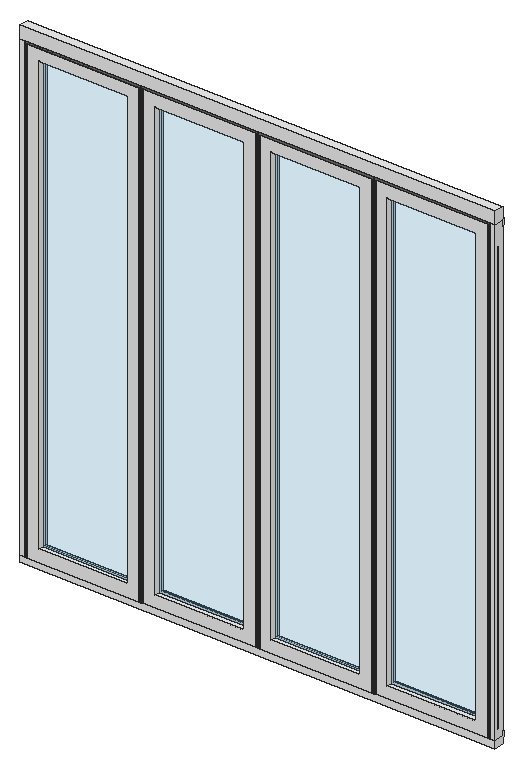
Revit family "98135", category Windows, host Wall, Revit 2018 (continued)
Definition of nested family "Header_SL-60"
  Definition of nested family "Detailitem_Head-SL60"
    Lines and regions (in)
      model lines, in view "Ref. Level", visible <- "Half"
        curve 580: line (-0.99276, -5.11811, 0) -> (-0.87208, -5.18787, 0)
        curve 581: line (-0.83858, -5.19685, 0) -> (-0.35081, -5.19685, 0)
        curve 582: line (-0.77559, -4.01575, 0) -> (-0.77559, -3.75197, 0)
        curve 583: line (-0.77559, -3.75197, 0) -> (-0.7961, -3.6534, 0)
        curve 584: line (-0.83465, -3.62205, 0) -> (-0.87402, -3.62205, 0)
        curve 585: line (-0.8937, -3.64173, 0) -> (-0.8937, -3.66142, 0)
        curve 586: line (-0.8937, -3.66142, 0) -> (-0.83465, -3.66142, 0)
        curve 587: line (-0.83465, -3.66142, 0) -> (-0.83465, -3.7126, 0)
        curve 588: line (-0.83465, -3.7126, 0) -> (-0.87992, -3.7126, 0)
        curve 589: line (-0.87992, -3.7126, 0) -> (-0.87992, -3.73228, 0)
        curve 590: line (-0.86024, -3.75197, 0) -> (-0.83465, -3.75197, 0)
        curve 591: line (-0.83465, -3.75197, 0) -> (-0.83465, -3.8189, 0)
        curve 592: line (-0.83465, -3.8189, 0) -> (-1.11024, -3.8189, 0)
        curve 593: line (-1.11024, -3.8189, 0) -> (-1.11024, -3.75197, 0)
        curve 594: line (-1.08465, -3.73228, 0) -> (-1.08465, -3.7126, 0)
        curve 595: line (-1.08465, -3.7126, 0) -> (-1.12992, -3.7126, 0)
        curve 596: line (-1.12992, -3.7126, 0) -> (-1.12992, -3.66142, 0)
        curve 597: line (-1.12992, -3.66142, 0) -> (-1.07087, -3.66142, 0)
        curve 598: line (-1.07087, -3.66142, 0) -> (-1.07087, -3.64173, 0)
        curve 599: line (-1.09055, -3.62205, 0) -> (-1.16929, -3.62205, 0)
        curve 600: line (-1.16929, -3.62205, 0) -> (-1.16929, -5.9685, 0)
        curve 601: line (-1.16929, -5.9685, 0) -> (-0.99213, -5.9685, 0)
        curve 602: line (-0.99213, -5.9685, 0) -> (-0.99213, -5.88189, 0)
        curve 603: line (-0.55118, -5.12992, 0) -> (-0.55118, -4.20079, 0)
        curve 604: line (-0.55118, -4.20079, 0) -> (-0.65748, -4.20079, 0)
        curve 605: line (-0.65748, -4.20079, 0) -> (-0.55118, -4.20079, 0)
        curve 606: line (-0.55118, -4.20079, 0) -> (-0.55118, -5.12992, 0)
        curve 607: line (-0.55118, -5.12992, 0) -> (-0.83858, -5.12992, 0)
        curve 608: line (-0.83858, -5.12992, 0) -> (-0.9748, -5.05118, 0)
        curve 609: line (-0.9748, -5.05118, 0) -> (-1.09843, -5.05118, 0)
        curve 610: line (-1.09843, -5.05118, 0) -> (-1.09843, -3.88583, 0)
        curve 611: line (-1.09843, -3.88583, 0) -> (-0.84252, -3.88583, 0)
        curve 612: line (-0.84252, -3.88583, 0) -> (-0.84252, -3.96457, 0)
        curve 613: line (-0.84252, -3.96457, 0) -> (-0.8622, -3.96457, 0)
        curve 614: line (-0.8622, -3.96457, 0) -> (-0.8622, -4.04331, 0)
        curve 615: line (-0.8622, -4.04331, 0) -> (-0.84046, -4.04331, 0)
        curve 739: line (0.66929, -3.29528, 0) -> (0.66929, -3.18898, 0)
        curve 740: line (0.66929, -3.18898, 0) -> (0.45276, -3.18898, 0)
        curve 741: line (0.45276, -3.18898, 0) -> (0.45276, -3.27756, 0)
        curve 787: line (-0.66929, -3.29528, 0) -> (-0.66929, -3.18898, 0)
        curve 788: line (-0.66929, -3.18898, 0) -> (-0.45276, -3.18898, 0)
        curve 789: line (-0.45276, -3.18898, 0) -> (-0.45276, -3.27756, 0)
      model lines, in view "Ref. Level"
        curve 3: arc (-0.70866, -2.24409, 0) -> (-0.59055, -2.3622, 0) -> (-0.47244, -2.24409, 0) r 0.11811
        curve 11: arc (-0.47244, -1.45669, 0) -> (-0.59055, -1.33858, 0) -> (-0.70866, -1.45669, 0) r 0.11811
        curve 12: circle (0, -1.85039, 0) r 0.1378 normal (0, 0, 1)
        curve 13: circle (0, -1.85039, 0) r 0.15748 normal (0, 0, 1)
        curve 14: arc (0.19075, -2.05741, 0) -> (0, -1.5689, 0) -> (-0.19075, -2.05741, 0) r 0.2815
        curve 15: arc (-0.12669, -1.97424, 0) -> (0, -2.02756, 0) -> (0.12669, -1.97424, 0) r 0.17717
        curve 16: arc (-0.19075, -2.05741, 0) -> (-0.1644, -2.06361, 0) -> (-0.14545, -2.04428, 0) r 0.02756
        curve 17: arc (-0.07599, -1.6205, 0) -> (-0.13589, -1.65, 0) -> (-0.18546, -1.69473, 0) r 0.24213
        curve 18: arc (-0.03097, -1.67596, 0) -> (-0.09768, -1.70259, 0) -> (-0.14833, -1.75352, 0) r 0.17717
        curve 19: arc (-0.18546, -1.69473, 0) -> (-0.19149, -1.71724, 0) -> (-0.17813, -1.73632, 0) r 0.02756
        curve 20: arc (-0.04072, -1.63954, 0) -> (-0.05426, -1.62242, 0) -> (-0.07599, -1.6205, 0) r 0.02756
        curve 21: arc (-0.13178, -1.76417, 0) -> (-0.1345, -1.76178, 0) -> (-0.1375, -1.75978, 0) r 0.02756
        curve 22: arc (0.14545, -2.04428, 0) -> (0.1644, -2.06361, 0) -> (0.19075, -2.05741, 0) r 0.02756
        curve 23: arc (0.18546, -1.69473, 0) -> (0.13589, -1.65, 0) -> (0.07599, -1.6205, 0) r 0.24213
        curve 24: arc (0.14833, -1.75352, 0) -> (0.09768, -1.70259, 0) -> (0.03097, -1.67596, 0) r 0.17717
        curve 25: arc (0.07599, -1.6205, 0) -> (0.05426, -1.62242, 0) -> (0.04072, -1.63954, 0) r 0.02756
        curve 26: arc (0.1375, -1.75978, 0) -> (0.1345, -1.76178, 0) -> (0.13178, -1.76417, 0) r 0.02756
        curve 27: arc (0.17813, -1.73632, 0) -> (0.19149, -1.71724, 0) -> (0.18546, -1.69473, 0) r 0.02756
        curve 28: line (0, -1.24803, 0) -> (0.14775, -1.27089, 0)
        curve 29: line (-0.22162, -1.24803, 0) -> (-0.14775, -1.27089, 0)
        curve 30: line (-0.29549, -1.27089, 0) -> (-0.22162, -1.24803, 0)
        curve 31: line (-0.14775, -1.27089, 0) -> (0, -1.24803, 0)
        curve 32: line (0.14775, -1.27089, 0) -> (0.22162, -1.24803, 0)
        curve 33: line (0.22162, -1.24803, 0) -> (0.2544, -1.2528, 0)
        curve 34: line (0.2544, -1.2528, 0) -> (0.29549, -1.27089, 0)
        curve 37: arc (0.47244, -2.24409, 0) -> (0.59055, -2.3622, 0) -> (0.70866, -2.24409, 0) r 0.11811
        curve 39: arc (0.70866, -1.45669, 0) -> (0.59055, -1.33858, 0) -> (0.47244, -1.45669, 0) r 0.11811
        curve 42: line (0.1531, -1.61417, 0) -> (0.3937, -1.61417, 0)
        curve 43: line (0.3937, -1.61417, 0) -> (0.3937, -2.08661, 0)
        curve 44: line (0.3937, -2.08661, 0) -> (-0.3937, -2.08661, 0)
        curve 45: line (-0.3937, -2.08661, 0) -> (-0.3937, -1.61417, 0)
        curve 46: line (0.34449, -1.61417, 0) -> (0.34449, -1.45669, 0)
        curve 47: line (0.34449, -1.45669, 0) -> (-0.34449, -1.45669, 0)
        curve 48: line (-0.34449, -1.45669, 0) -> (-0.34449, -1.61417, 0)
        curve 51: line (-0.47244, -1.45669, 0) -> (-0.47244, -2.24409, 0)
        curve 52: line (-0.70866, -1.45669, 0) -> (-0.70866, -2.24409, 0)
        curve 61: line (-0.1531, -1.61417, 0) -> (-0.3937, -1.61417, 0)
        curve 62: line (-0.70866, -1.67323, 0) -> (-0.72047, -1.67323, 0)
        curve 63: line (-0.72047, -1.67323, 0) -> (-0.72047, -2.02756, 0)
        curve 64: line (-0.72047, -2.02756, 0) -> (-0.70866, -2.02756, 0)
        curve 65: line (-0.3937, -2.02756, 0) -> (-0.47244, -2.02756, 0)
        curve 66: line (-0.3937, -1.67323, 0) -> (-0.47244, -1.67323, 0)
        curve 67: line (0.14775, -1.43307, 0) -> (0.14775, -1.27089, 0)
        curve 68: line (-0.14775, -1.43307, 0) -> (-0.14775, -1.27089, 0)
        curve 69: line (0.25591, -1.24803, 0) -> (0.29549, -1.27089, 0)
        curve 70: line (0.29549, -1.27089, 0) -> (0.29549, -1.43307, 0)
        curve 71: line (0.29549, -1.43307, 0) -> (-0.29549, -1.43307, 0)
        curve 72: line (-0.29549, -1.43307, 0) -> (-0.29549, -1.27089, 0)
        curve 73: line (-0.29549, -1.27089, 0) -> (-0.25591, -1.24803, 0)
        curve 74: line (-0.14545, -2.04428, 0) -> (-0.12063, -1.95163, 0)
        curve 75: line (-0.1375, -1.75978, 0) -> (-0.17813, -1.73632, 0)
        curve 76: line (-0.22835, -1.43307, 0) -> (-0.22835, -1.45669, 0)
        curve 77: line (-0.04072, -1.63954, 0) -> (-0.02585, -1.69505, 0)
        curve 78: line (0.12063, -1.95163, 0) -> (0.14545, -2.04428, 0)
        curve 79: line (0.17813, -1.73632, 0) -> (0.1375, -1.75978, 0)
        curve 80: line (0.02585, -1.69505, 0) -> (0.04072, -1.63954, 0)
        curve 81: line (0.22835, -1.43307, 0) -> (0.22835, -1.45669, 0)
        curve 82: line (-0.25591, -1.24803, 0) -> (0.25591, -1.24803, 0)
        curve 83: line (0.70866, -1.45669, 0) -> (0.70866, -2.24409, 0)
        curve 84: line (0.47244, -1.45669, 0) -> (0.47244, -2.24409, 0)
        curve 85: line (0.3937, -2.02756, 0) -> (0.47244, -2.02756, 0)
        curve 86: line (0.3937, -1.67323, 0) -> (0.47244, -1.67323, 0)
        curve 87: line (0.70866, -1.67323, 0) -> (0.72047, -1.67323, 0)
        curve 88: line (0.72047, -1.67323, 0) -> (0.72047, -2.02756, 0)
        curve 89: line (0.72047, -2.02756, 0) -> (0.70866, -2.02756, 0)
        curve 316: arc (-0.26106, -0.83268, 0) -> (-0.26827, -0.82547, 0) -> (-0.27811, -0.82283, 0) r 0.01969
        curve 317: arc (0.27811, -0.82283, 0) -> (0.26827, -0.82547, 0) -> (0.26106, -0.83268, 0) r 0.01969
        curve 318: arc (-0.16275, -0.85335, 0) -> (-0.14834, -0.86776, 0) -> (-0.12866, -0.87303, 0) r 0.03937
        curve 319: arc (0.12866, -0.87303, 0) -> (0.14834, -0.86776, 0) -> (0.16275, -0.85335, 0) r 0.03937
        curve 320: arc (0.38583, -0.86713, 0) -> (0.39139, -0.86482, 0) -> (0.3937, -0.85925, 0) r 0.00787
        curve 321: arc (0.3937, -0.70768, 0) -> (0.39139, -0.70211, 0) -> (0.38583, -0.6998, 0) r 0.00787
        curve 322: arc (0.24856, -0.74409, 0) -> (0.22888, -0.74937, 0) -> (0.21447, -0.76378, 0) r 0.03937
        curve 323: arc (-0.21447, -0.76378, 0) -> (-0.22888, -0.74937, 0) -> (-0.24856, -0.74409, 0) r 0.03937
        curve 324: arc (-0.38583, -0.6998, 0) -> (-0.39139, -0.70211, 0) -> (-0.3937, -0.70768, 0) r 0.00787
        curve 325: arc (-0.3937, -0.85925, 0) -> (-0.39139, -0.86482, 0) -> (-0.38583, -0.86713, 0) r 0.00787
        curve 326: arc (0.18549, -0.94094, 0) -> (0.19533, -0.93831, 0) -> (0.20253, -0.9311, 0) r 0.01969
        curve 327: arc (-0.20253, -0.9311, 0) -> (-0.19533, -0.93831, 0) -> (-0.18549, -0.94094, 0) r 0.01969
        curve 328: arc (0.2874, -0.82628, 0) -> (0.28045, -0.82583, 0) -> (0.27586, -0.83106, 0) r 0.00787
        curve 329: arc (0.38189, -0.88083, 0) -> (0.38976, -0.88083, 0) -> (0.3937, -0.87402, 0) r 0.00787
        curve 330: arc (0.3937, -0.69291, 0) -> (0.38976, -0.68609, 0) -> (0.38189, -0.68609, 0) r 0.00787
        curve 331: arc (0.27559, -0.73383, 0) -> (0.27953, -0.74065, 0) -> (0.2874, -0.74065, 0) r 0.00787
        curve 332: arc (0.29528, -0.64518, 0) -> (0.28087, -0.65959, 0) -> (0.27559, -0.67928, 0) r 0.03937
        curve 333: arc (0.27559, -0.29317, 0) -> (0.28087, -0.31285, 0) -> (0.29528, -0.32726, 0) r 0.03937
        curve 334: arc (0.2874, -0.23179, 0) -> (0.27953, -0.23179, 0) -> (0.27559, -0.23861, 0) r 0.00787
        curve 335: arc (0.38189, -0.28635, 0) -> (0.38976, -0.28635, 0) -> (0.3937, -0.27953, 0) r 0.00787
        curve 336: arc (-0.27207, -0.94094, 0) -> (-0.25645, -0.93324, 0) -> (-0.25306, -0.91616, 0) r 0.01969
        curve 337: arc (-0.27586, -0.83106, 0) -> (-0.28045, -0.82583, 0) -> (-0.2874, -0.82628, 0) r 0.00787
        curve 338: arc (-0.3937, -0.87402, 0) -> (-0.38976, -0.88083, 0) -> (-0.38189, -0.88083, 0) r 0.00787
        curve 339: arc (-0.38189, -0.68609, 0) -> (-0.38976, -0.68609, 0) -> (-0.3937, -0.69291, 0) r 0.00787
        curve 340: arc (-0.2874, -0.74065, 0) -> (-0.27953, -0.74065, 0) -> (-0.27559, -0.73383, 0) r 0.00787
        curve 341: arc (-0.27559, -0.67928, 0) -> (-0.28087, -0.65959, 0) -> (-0.29528, -0.64518, 0) r 0.03937
        curve 342: arc (-0.29528, -0.32726, 0) -> (-0.28087, -0.31285, 0) -> (-0.27559, -0.29317, 0) r 0.03937
        curve 343: arc (-0.27559, -0.23861, 0) -> (-0.27953, -0.23179, 0) -> (-0.2874, -0.23179, 0) r 0.00787
        curve 344: arc (-0.3937, -0.27953, 0) -> (-0.38976, -0.28635, 0) -> (-0.38189, -0.28635, 0) r 0.00787
        curve 345: arc (-0.38189, -0.09161, 0) -> (-0.38976, -0.09161, 0) -> (-0.3937, -0.09843, 0) r 0.00787
        curve 346: arc (-0.2874, -0.14616, 0) -> (-0.28045, -0.14661, 0) -> (-0.27586, -0.14138, 0) r 0.00787
        curve 347: arc (-0.27811, -0.14961, 0) -> (-0.26827, -0.14697, 0) -> (-0.26106, -0.13976, 0) r 0.01969
        curve 348: arc (0.26106, -0.13976, 0) -> (0.26827, -0.14697, 0) -> (0.27811, -0.14961, 0) r 0.01969
        curve 349: arc (-0.12866, -0.09941, 0) -> (-0.14834, -0.10468, 0) -> (-0.16275, -0.11909, 0) r 0.03937
        curve 350: arc (0.16275, -0.11909, 0) -> (0.14834, -0.10468, 0) -> (0.12866, -0.09941, 0) r 0.03937
        curve 351: arc (0.3937, -0.11319, 0) -> (0.39139, -0.10762, 0) -> (0.38583, -0.10531, 0) r 0.00787
        curve 352: arc (0.38583, -0.27264, 0) -> (0.39139, -0.27033, 0) -> (0.3937, -0.26476, 0) r 0.00787
        curve 353: arc (0.21447, -0.20866, 0) -> (0.22888, -0.22307, 0) -> (0.24856, -0.22835, 0) r 0.03937
        curve 354: arc (-0.24856, -0.22835, 0) -> (-0.22888, -0.22307, 0) -> (-0.21447, -0.20866, 0) r 0.03937
        curve 355: arc (-0.3937, -0.26476, 0) -> (-0.39139, -0.27033, 0) -> (-0.38583, -0.27264, 0) r 0.00787
        curve 356: arc (-0.38583, -0.10531, 0) -> (-0.39139, -0.10762, 0) -> (-0.3937, -0.11319, 0) r 0.00787
        curve 357: arc (0.20253, -0.04134, 0) -> (0.19533, -0.03413, 0) -> (0.18549, -0.0315, 0) r 0.01969
        curve 358: arc (-0.18549, -0.0315, 0) -> (-0.19533, -0.03413, 0) -> (-0.20253, -0.04134, 0) r 0.01969
        curve 359: arc (0.38189, -0.88083, 0) -> (0.38976, -0.88083, 0) -> (0.3937, -0.87402, 0) r 0.00787
        curve 360: arc (0.3937, -0.69291, 0) -> (0.38976, -0.68609, 0) -> (0.38189, -0.68609, 0) r 0.00787
        curve 361: arc (0.2874, -0.74065, 0) -> (0.27953, -0.74065, 0) -> (0.27559, -0.73383, 0) r 0.00787
        curve 362: arc (0.27559, -0.67928, 0) -> (0.28087, -0.65959, 0) -> (0.29528, -0.64518, 0) r 0.03937
        curve 363: arc (0.29528, -0.32726, 0) -> (0.28087, -0.31285, 0) -> (0.27559, -0.29317, 0) r 0.03937
        curve 364: arc (0.27559, -0.23861, 0) -> (0.27953, -0.23179, 0) -> (0.2874, -0.23179, 0) r 0.00787
        curve 365: arc (0.38189, -0.28635, 0) -> (0.38976, -0.28635, 0) -> (0.3937, -0.27953, 0) r 0.00787
        curve 366: arc (0.3937, -0.09843, 0) -> (0.38976, -0.09161, 0) -> (0.38189, -0.09161, 0) r 0.00787
        curve 367: arc (0.2874, -0.14616, 0) -> (0.28045, -0.14661, 0) -> (0.27586, -0.14138, 0) r 0.00787
        curve 368: arc (0.25306, -0.05628, 0) -> (0.25645, -0.0392, 0) -> (0.27207, -0.0315, 0) r 0.01969
        curve 369: arc (0.3937, -0.0315, 0) -> (0.40293, -0.00922, 0) -> (0.4252, 0, 0) r 0.0315
        curve 370: arc (0.75139, -3.11024, 0) -> (0.76666, -3.1175, 0) -> (0.77066, -3.13393, 0) r 0.01969
        curve 371: arc (0.74443, -3.26006, 0) -> (0.72387, -3.29384, 0) -> (0.68661, -3.30709, 0) r 0.05906
        curve 374: arc (0.42913, -2.22047, 0) -> (0.44305, -2.22624, 0) -> (0.44882, -2.24016, 0) r 0.01969
        curve 375: arc (0.4508, -2.29921, 0) -> (0.45833, -2.30071, 0) -> (0.46472, -2.30498, 0) r 0.01969
        curve 376: arc (0.50703, -2.3473, 0) -> (0.57513, -2.38088, 0) -> (0.64961, -2.36607, 0) r 0.11811
        curve 377: arc (0.91339, -1.61811, 0) -> (0.92492, -1.59027, 0) -> (0.95276, -1.57874, 0) r 0.03937
        curve 378: arc (1.07087, -1.01969, 0) -> (1.0478, -0.96401, 0) -> (0.99213, -0.94094, 0) r 0.07874
        curve 379: arc (0.27207, -0.94094, 0) -> (0.25645, -0.93324, 0) -> (0.25306, -0.91616, 0) r 0.01969
        curve 380: arc (0.27586, -0.83106, 0) -> (0.28045, -0.82583, 0) -> (0.2874, -0.82628, 0) r 0.00787
        curve 381: arc (-1.22835, -3.18504, 0) -> (-1.24564, -3.14328, 0) -> (-1.2874, -3.12598, 0) r 0.05906
        curve 382: arc (-1.35039, -2.71654, 0) -> (-1.30427, -2.60518, 0) -> (-1.19291, -2.55906, 0) r 0.15748
        curve 383: arc (-1.12205, -2.69685, 0) -> (-1.10475, -2.73861, 0) -> (-1.06299, -2.75591, 0) r 0.05906
        curve 384: arc (-0.75139, -3.11024, 0) -> (-0.76666, -3.1175, 0) -> (-0.77066, -3.13393, 0) r 0.01969
        curve 385: arc (-0.74443, -3.26006, 0) -> (-0.72387, -3.29384, 0) -> (-0.68661, -3.30709, 0) r 0.05906
        curve 388: arc (-0.41339, -2.22047, 0) -> (-0.42731, -2.22624, 0) -> (-0.43307, -2.24016, 0) r 0.01969
        curve 389: arc (-0.4508, -2.29921, 0) -> (-0.45833, -2.30071, 0) -> (-0.46472, -2.30498, 0) r 0.01969
        curve 390: arc (-0.50703, -2.3473, 0) -> (-0.57513, -2.38088, 0) -> (-0.64961, -2.36607, 0) r 0.11811
        curve 391: arc (-0.89764, -1.61811, 0) -> (-0.90917, -1.59027, 0) -> (-0.93701, -1.57874, 0) r 0.03937
        curve 392: arc (-1.05512, -1.01969, 0) -> (-1.03206, -0.96401, 0) -> (-0.97638, -0.94094, 0) r 0.07874
        curve 393: arc (-0.27207, -0.94094, 0) -> (-0.25645, -0.93324, 0) -> (-0.25306, -0.91616, 0) r 0.01969
        curve 394: arc (-0.27586, -0.83106, 0) -> (-0.28045, -0.82583, 0) -> (-0.2874, -0.82628, 0) r 0.00787
        curve 395: arc (-0.38189, -0.88083, 0) -> (-0.38976, -0.88083, 0) -> (-0.3937, -0.87402, 0) r 0.00787
        curve 396: arc (-0.3937, -0.69291, 0) -> (-0.38976, -0.68609, 0) -> (-0.38189, -0.68609, 0) r 0.00787
        curve 397: arc (-0.2874, -0.74065, 0) -> (-0.27953, -0.74065, 0) -> (-0.27559, -0.73383, 0) r 0.00787
        curve 398: arc (-0.27559, -0.67928, 0) -> (-0.28087, -0.65959, 0) -> (-0.29528, -0.64518, 0) r 0.03937
        curve 399: arc (-0.29528, -0.32726, 0) -> (-0.28087, -0.31285, 0) -> (-0.27559, -0.29317, 0) r 0.03937
        curve 400: arc (-0.27559, -0.23861, 0) -> (-0.27953, -0.23179, 0) -> (-0.2874, -0.23179, 0) r 0.00787
        curve 401: arc (-0.38189, -0.28635, 0) -> (-0.38976, -0.28635, 0) -> (-0.3937, -0.27953, 0) r 0.00787
        curve 402: arc (-0.3937, -0.09843, 0) -> (-0.38976, -0.09161, 0) -> (-0.38189, -0.09161, 0) r 0.00787
        curve 403: arc (-0.2874, -0.14616, 0) -> (-0.28045, -0.14661, 0) -> (-0.27586, -0.14138, 0) r 0.00787
        curve 404: arc (-0.25306, -0.05628, 0) -> (-0.25645, -0.0392, 0) -> (-0.27207, -0.0315, 0) r 0.01969
        curve 405: arc (-0.3937, -0.0315, 0) -> (-0.40293, -0.00922, 0) -> (-0.4252, 0, 0) r 0.0315
        curve 406: arc (-1.15354, -2.44094, 0) -> (-1.16507, -2.46878, 0) -> (-1.19291, -2.48031, 0) r 0.03937
        curve 407: arc (-1.19291, -2.48031, 0) -> (-1.35995, -2.5495, 0) -> (-1.42913, -2.71654, 0) r 0.23622
        curve 408: arc (-1.42913, -3.74086, 0) -> (-1.37753, -3.87372, 0) -> (-1.24978, -3.93693, 0) r 0.19685
        curve 409: arc (-1.24978, -3.93693, 0) -> (-1.23475, -3.93185, 0) -> (-1.22835, -3.91732, 0) r 0.01969
        curve 410: arc (-1.22835, -3.83858, 0) -> (-1.23411, -3.82466, 0) -> (-1.24803, -3.8189, 0) r 0.01969
        curve 616: line (-0.18549, -0.94094, 0) -> (0.18549, -0.94094, 0)
        curve 617: line (0.12866, -0.87303, 0) -> (-0.12866, -0.87303, 0)
        curve 618: line (-0.38583, -0.86713, 0) -> (-0.36457, -0.86713, 0)
        curve 619: line (-0.36457, -0.86713, 0) -> (-0.28785, -0.82283, 0)
        curve 620: line (-0.28785, -0.82283, 0) -> (-0.27811, -0.82283, 0)
        curve 621: line (0.27811, -0.82283, 0) -> (0.28785, -0.82283, 0)
        curve 622: line (0.28785, -0.82283, 0) -> (0.36457, -0.86713, 0)
        curve 623: line (0.36457, -0.86713, 0) -> (0.38583, -0.86713, 0)
        curve 624: line (0.38583, -0.6998, 0) -> (0.36457, -0.6998, 0)
        curve 625: line (0.36457, -0.6998, 0) -> (0.28785, -0.74409, 0)
        curve 626: line (0.28785, -0.74409, 0) -> (0.24856, -0.74409, 0)
        curve 627: line (-0.24856, -0.74409, 0) -> (-0.28785, -0.74409, 0)
        curve 628: line (-0.28785, -0.74409, 0) -> (-0.36457, -0.6998, 0)
        curve 629: line (-0.36457, -0.6998, 0) -> (-0.38583, -0.6998, 0)
        curve 630: line (-0.26106, -0.83268, 0) -> (-0.20253, -0.9311, 0)
        curve 631: line (-0.16275, -0.85335, 0) -> (-0.21447, -0.76378, 0)
        curve 632: line (-0.3937, -0.70768, 0) -> (-0.3937, -0.85925, 0)
        curve 633: line (0.3937, -0.85925, 0) -> (0.3937, -0.70768, 0)
        curve 634: line (0.21447, -0.76378, 0) -> (0.16275, -0.85335, 0)
        curve 635: line (0.20253, -0.9311, 0) -> (0.26106, -0.83268, 0)
        curve 636: line (0.29528, -0.32726, 0) -> (0.3937, -0.38409, 0)
        curve 637: line (0.3937, -0.38409, 0) -> (0.3937, -0.58835, 0)
        curve 638: line (0.3937, -0.58835, 0) -> (0.29528, -0.64518, 0)
        curve 639: line (0.29528, -0.64518, 0) -> (0.3937, -0.58835, 0)
        curve 640: line (0.3937, -0.58835, 0) -> (0.3937, -0.38409, 0)
        curve 641: line (0.3937, -0.38409, 0) -> (0.29528, -0.32726, 0)
        curve 642: line (0.2874, -0.74065, 0) -> (0.38189, -0.68609, 0)
        curve 643: line (0.38189, -0.68609, 0) -> (0.2874, -0.74065, 0)
        curve 644: line (0.27559, -0.67928, 0) -> (0.27559, -0.73383, 0)
        curve 645: line (0.27559, -0.73383, 0) -> (0.27559, -0.67928, 0)
        curve 646: line (0.27559, -0.23861, 0) -> (0.27559, -0.29317, 0)
        curve 647: line (0.27559, -0.29317, 0) -> (0.27559, -0.23861, 0)
        curve 648: line (0.3937, -0.69291, 0) -> (0.3937, -0.87402, 0)
        curve 649: line (0.3937, -0.87402, 0) -> (0.3937, -0.69291, 0)
        curve 650: line (0.3937, -0.09843, 0) -> (0.3937, -0.27953, 0)
        curve 651: line (0.3937, -0.27953, 0) -> (0.3937, -0.09843, 0)
        curve 652: line (0.38189, -0.88083, 0) -> (0.2874, -0.82628, 0)
        curve 653: line (0.2874, -0.82628, 0) -> (0.38189, -0.88083, 0)
        curve 654: line (0.38189, -0.28635, 0) -> (0.2874, -0.23179, 0)
        curve 655: line (0.2874, -0.23179, 0) -> (0.38189, -0.28635, 0)
        curve 656: line (-0.38189, -0.28635, 0) -> (-0.2874, -0.23179, 0)
        curve 657: line (-0.2874, -0.23179, 0) -> (-0.38189, -0.28635, 0)
        curve 658: line (-0.29528, -0.32726, 0) -> (-0.3937, -0.38409, 0)
        curve 659: line (-0.3937, -0.38409, 0) -> (-0.3937, -0.58835, 0)
        curve 660: line (-0.3937, -0.58835, 0) -> (-0.29528, -0.64518, 0)
        curve 661: line (-0.29528, -0.64518, 0) -> (-0.3937, -0.58835, 0)
        curve 662: line (-0.3937, -0.58835, 0) -> (-0.3937, -0.38409, 0)
        curve 663: line (-0.3937, -0.38409, 0) -> (-0.29528, -0.32726, 0)
        curve 664: line (-0.38189, -0.88083, 0) -> (-0.2874, -0.82628, 0)
        curve 665: line (-0.2874, -0.82628, 0) -> (-0.38189, -0.88083, 0)
        curve 666: line (-0.3937, -0.69291, 0) -> (-0.3937, -0.87402, 0)
        curve 667: line (-0.3937, -0.87402, 0) -> (-0.3937, -0.69291, 0)
        curve 668: line (-0.3937, -0.09843, 0) -> (-0.3937, -0.27953, 0)
        curve 669: line (-0.3937, -0.27953, 0) -> (-0.3937, -0.09843, 0)
        curve 670: line (-0.27559, -0.67928, 0) -> (-0.27559, -0.73383, 0)
        curve 671: line (-0.27559, -0.73383, 0) -> (-0.27559, -0.67928, 0)
        curve 672: line (-0.27559, -0.23861, 0) -> (-0.27559, -0.29317, 0)
        curve 673: line (-0.27559, -0.29317, 0) -> (-0.27559, -0.23861, 0)
        curve 674: line (-0.27586, -0.83106, 0) -> (-0.25306, -0.91616, 0)
        curve 675: line (-0.25306, -0.91616, 0) -> (-0.27586, -0.83106, 0)
        curve 676: line (-0.2874, -0.74065, 0) -> (-0.38189, -0.68609, 0)
        curve 677: line (-0.38189, -0.68609, 0) -> (-0.2874, -0.74065, 0)
        curve 678: line (-0.2874, -0.14616, 0) -> (-0.38189, -0.09161, 0)
        curve 679: line (-0.38189, -0.09161, 0) -> (-0.2874, -0.14616, 0)
        curve 680: line (-0.18549, -0.0315, 0) -> (0.18549, -0.0315, 0)
        curve 681: line (0.12866, -0.09941, 0) -> (-0.12866, -0.09941, 0)
        curve 682: line (-0.38583, -0.10531, 0) -> (-0.36457, -0.10531, 0)
        curve 683: line (-0.36457, -0.10531, 0) -> (-0.28785, -0.14961, 0)
        curve 684: line (-0.28785, -0.14961, 0) -> (-0.27811, -0.14961, 0)
        curve 685: line (0.27811, -0.14961, 0) -> (0.28785, -0.14961, 0)
        curve 686: line (0.28785, -0.14961, 0) -> (0.36457, -0.10531, 0)
        curve 687: line (0.36457, -0.10531, 0) -> (0.38583, -0.10531, 0)
        curve 688: line (0.38583, -0.27264, 0) -> (0.36457, -0.27264, 0)
        curve 689: line (0.36457, -0.27264, 0) -> (0.28785, -0.22835, 0)
        curve 690: line (0.28785, -0.22835, 0) -> (0.24856, -0.22835, 0)
        curve 691: line (-0.24856, -0.22835, 0) -> (-0.28785, -0.22835, 0)
        curve 692: line (-0.28785, -0.22835, 0) -> (-0.36457, -0.27264, 0)
        curve 693: line (-0.36457, -0.27264, 0) -> (-0.38583, -0.27264, 0)
        curve 694: line (-0.26106, -0.13976, 0) -> (-0.20253, -0.04134, 0)
        curve 695: line (-0.16275, -0.11909, 0) -> (-0.21447, -0.20866, 0)
        curve 696: line (-0.3937, -0.26476, 0) -> (-0.3937, -0.11319, 0)
        curve 697: line (0.3937, -0.11319, 0) -> (0.3937, -0.26476, 0)
        curve 698: line (0.21447, -0.20866, 0) -> (0.16275, -0.11909, 0)
        curve 699: line (0.20253, -0.04134, 0) -> (0.26106, -0.13976, 0)
        curve 700: line (0.47244, -0.35433, 0) -> (0.48819, -0.35433, 0)
        curve 701: line (0.48819, -0.35433, 0) -> (0.48819, -0.27559, 0)
        curve 702: line (0.48819, -0.27559, 0) -> (1.09055, -0.27559, 0)
        curve 703: line (1.09055, -0.27559, 0) -> (1.09055, -0.8622, 0)
        curve 704: line (1.09055, -0.8622, 0) -> (0.48819, -0.8622, 0)
        curve 705: line (0.48819, -0.8622, 0) -> (0.48819, -0.78346, 0)
        curve 706: line (0.48819, -0.78346, 0) -> (0.47244, -0.78346, 0)
        curve 707: line (0.47244, -0.78346, 0) -> (0.47244, -0.35433, 0)
        curve 708: line (0.38189, -0.09161, 0) -> (0.2874, -0.14616, 0)
        curve 709: line (0.27586, -0.14138, 0) -> (0.25306, -0.05628, 0)
        curve 710: line (0.27207, -0.0315, 0) -> (0.3937, -0.0315, 0)
        curve 711: line (0.4252, 0, 0) -> (0.60229, 0, 0)
        curve 712: line (0.60229, 0, 0) -> (0.61811, -0.05906, 0)
        curve 713: line (0.61811, -0.05906, 0) -> (0.47244, -0.05906, 0)
        curve 714: line (0.47244, -0.05906, 0) -> (0.47244, -0.19685, 0)
        curve 715: line (0.47244, -0.19685, 0) -> (0.7945, -0.19685, 0)
        curve 716: line (0.7945, -0.19685, 0) -> (0.81496, -0.20866, 0)
        curve 717: line (0.81496, -0.20866, 0) -> (0.83542, -0.19685, 0)
        curve 718: line (0.83542, -0.19685, 0) -> (1.09055, -0.19685, 0)
        curve 719: line (1.09055, -0.19685, 0) -> (1.09055, -0.05906, 0)
        curve 720: line (1.09055, -0.05906, 0) -> (1.01181, -0.05906, 0)
        curve 721: line (1.01181, -0.05906, 0) -> (1.02763, 0, 0)
        curve 722: line (1.02763, 0, 0) -> (1.16929, 0, 0)
        curve 723: line (1.16929, 0, 0) -> (1.16929, -2.75591, 0)
        curve 724: line (1.16929, -2.75591, 0) -> (0.98425, -2.75591, 0)
        curve 725: line (0.98425, -2.75591, 0) -> (0.98425, -2.69685, 0)
        curve 726: line (0.98425, -2.69685, 0) -> (1.06299, -2.69685, 0)
        curve 727: line (1.06299, -2.69685, 0) -> (1.06299, -2.48031, 0)
        curve 728: line (1.06299, -2.48031, 0) -> (0.79998, -2.48031, 0)
        curve 729: line (0.79998, -2.48031, 0) -> (0.77953, -2.4685, 0)
        curve 730: line (0.77953, -2.4685, 0) -> (0.75907, -2.48031, 0)
        curve 731: line (0.75907, -2.48031, 0) -> (0.49213, -2.48031, 0)
        curve 732: line (0.49213, -2.48031, 0) -> (0.48536, -2.69685, 0)
        curve 733: line (0.48536, -2.69685, 0) -> (0.57087, -2.69685, 0)
        curve 734: line (0.57087, -2.69685, 0) -> (0.57087, -2.75591, 0)
        curve 735: line (0.57087, -2.75591, 0) -> (0.48351, -2.75591, 0)
        curve 736: line (0.48351, -2.75591, 0) -> (0.47244, -3.11024, 0)
        curve 737: line (0.47244, -3.11024, 0) -> (0.75139, -3.11024, 0)
        curve 738: line (0.77066, -3.13393, 0) -> (0.74443, -3.26006, 0)
        curve 742: line (0.3937, -3.27756, 0) -> (0.3937, -2.22047, 0)
        curve 743: line (0.3937, -2.22047, 0) -> (0.42913, -2.22047, 0)
        curve 744: line (0.44882, -2.24016, 0) -> (0.44882, -2.29921, 0)
        curve 745: line (0.46472, -2.30498, 0) -> (0.50703, -2.3473, 0)
        curve 746: line (0.64961, -2.36607, 0) -> (0.7654, -2.29921, 0)
        curve 747: line (0.7654, -2.29921, 0) -> (1.07087, -2.29921, 0)
        curve 748: line (1.07087, -2.29921, 0) -> (1.07087, -1.6378, 0)
        curve 749: line (1.07087, -1.6378, 0) -> (0.91339, -1.6378, 0)
        curve 750: line (0.91339, -1.6378, 0) -> (0.91339, -1.61811, 0)
        curve 751: line (0.95276, -1.57874, 0) -> (1.07087, -1.57874, 0)
        curve 752: line (1.07087, -1.57874, 0) -> (1.07087, -1.01969, 0)
        curve 753: line (0.99213, -0.94094, 0) -> (0.27207, -0.94094, 0)
        curve 754: line (0.25306, -0.91616, 0) -> (0.27586, -0.83106, 0)
        curve 755: line (-1.0748, -0.27559, 0) -> (-1.0748, -0.8622, 0)
        curve 756: line (-1.0748, -0.8622, 0) -> (-0.47244, -0.8622, 0)
        curve 757: line (-0.47244, -0.8622, 0) -> (-0.47244, -0.27559, 0)
        curve 758: line (-0.47244, -0.27559, 0) -> (-1.0748, -0.27559, 0)
        curve 759: line (-1.22835, -3.67717, 0) -> (-1.22835, -3.51181, 0)
        curve 760: line (-1.22835, -3.51181, 0) -> (-1.26378, -3.51181, 0)
        curve 761: line (-1.26378, -3.51181, 0) -> (-1.26378, -3.59055, 0)
        curve 762: line (-1.26378, -3.59055, 0) -> (-1.35039, -3.59055, 0)
        curve 763: line (-1.35039, -3.59055, 0) -> (-1.35039, -3.18504, 0)
        curve 764: line (-1.35039, -3.18504, 0) -> (-1.26378, -3.18504, 0)
        curve 765: line (-1.26378, -3.18504, 0) -> (-1.26378, -3.26378, 0)
        curve 766: line (-1.26378, -3.26378, 0) -> (-1.22835, -3.26378, 0)
        curve 767: line (-1.22835, -3.26378, 0) -> (-1.22835, -3.18504, 0)
        curve 768: line (-1.2874, -3.12598, 0) -> (-1.35039, -3.12598, 0)
        curve 769: line (-1.35039, -3.12598, 0) -> (-1.35039, -2.71654, 0)
        curve 770: line (-1.19291, -2.55906, 0) -> (-1.12205, -2.55906, 0)
        curve 771: line (-1.12205, -2.55906, 0) -> (-1.12205, -2.69685, 0)
        curve 772: line (-1.06299, -2.75591, 0) -> (-0.98425, -2.75591, 0)
        curve 773: line (-0.98425, -2.75591, 0) -> (-0.98425, -2.69685, 0)
        curve 774: line (-0.98425, -2.69685, 0) -> (-1.06299, -2.69685, 0)
        curve 775: line (-1.06299, -2.69685, 0) -> (-1.06299, -2.48031, 0)
        curve 776: line (-1.06299, -2.48031, 0) -> (-0.78424, -2.48031, 0)
        curve 777: line (-0.78424, -2.48031, 0) -> (-0.76378, -2.4685, 0)
        curve 778: line (-0.76378, -2.4685, 0) -> (-0.74332, -2.48031, 0)
        curve 779: line (-0.74332, -2.48031, 0) -> (-0.49213, -2.48031, 0)
        curve 780: line (-0.49213, -2.48031, 0) -> (-0.48536, -2.69685, 0)
        curve 781: line (-0.48536, -2.69685, 0) -> (-0.57087, -2.69685, 0)
        curve 782: line (-0.57087, -2.69685, 0) -> (-0.57087, -2.75591, 0)
        curve 783: line (-0.57087, -2.75591, 0) -> (-0.48351, -2.75591, 0)
        curve 784: line (-0.48351, -2.75591, 0) -> (-0.47244, -3.11024, 0)
        curve 785: line (-0.47244, -3.11024, 0) -> (-0.75139, -3.11024, 0)
        curve 786: line (-0.77066, -3.13393, 0) -> (-0.74443, -3.26006, 0)
        curve 790: line (-0.3937, -3.27756, 0) -> (-0.3937, -2.22047, 0)
        curve 791: line (-0.3937, -2.22047, 0) -> (-0.41339, -2.22047, 0)
        curve 792: line (-0.43307, -2.24016, 0) -> (-0.43307, -2.29921, 0)
        curve 793: line (-0.43307, -2.29921, 0) -> (-0.4508, -2.29921, 0)
        curve 794: line (-0.46472, -2.30498, 0) -> (-0.50703, -2.3473, 0)
        curve 795: line (-0.64961, -2.36607, 0) -> (-0.7654, -2.29921, 0)
        curve 796: line (-0.7654, -2.29921, 0) -> (-1.05512, -2.29921, 0)
        curve 797: line (-1.05512, -2.29921, 0) -> (-1.05512, -1.6378, 0)
        curve 798: line (-1.05512, -1.6378, 0) -> (-0.89764, -1.6378, 0)
        curve 799: line (-0.89764, -1.6378, 0) -> (-0.89764, -1.61811, 0)
        curve 800: line (-0.93701, -1.57874, 0) -> (-1.05512, -1.57874, 0)
        curve 801: line (-1.05512, -1.57874, 0) -> (-1.05512, -1.01969, 0)
        curve 802: line (-0.97638, -0.94094, 0) -> (-0.27207, -0.94094, 0)
        curve 803: line (-0.27586, -0.14138, 0) -> (-0.25306, -0.05628, 0)
        curve 804: line (-0.27207, -0.0315, 0) -> (-0.3937, -0.0315, 0)
        curve 805: line (-0.4252, 0, 0) -> (-0.58654, 0, 0)
        curve 806: line (-0.58654, 0, 0) -> (-0.60236, -0.05906, 0)
        curve 807: line (-0.60236, -0.05906, 0) -> (-0.47244, -0.05906, 0)
        curve 808: line (-0.47244, -0.05906, 0) -> (-0.47244, -0.19685, 0)
        curve 809: line (-0.47244, -0.19685, 0) -> (-0.77876, -0.19685, 0)
        curve 810: line (-0.77876, -0.19685, 0) -> (-0.79921, -0.20866, 0)
        curve 811: line (-0.79921, -0.20866, 0) -> (-0.81967, -0.19685, 0)
        curve 812: line (-0.81967, -0.19685, 0) -> (-1.0748, -0.19685, 0)
        curve 813: line (-1.0748, -0.19685, 0) -> (-1.0748, -0.05906, 0)
        curve 814: line (-1.0748, -0.05906, 0) -> (-0.99606, -0.05906, 0)
        curve 815: line (-0.99606, -0.05906, 0) -> (-1.01189, 0, 0)
        curve 816: line (-1.01189, 0, 0) -> (-1.15354, 0, 0)
        curve 817: line (-1.15354, 0, 0) -> (-1.15354, -2.44094, 0)
        curve 818: line (-1.42913, -2.71654, 0) -> (-1.42913, -3.74086, 0)
        curve 819: line (-1.22835, -3.91732, 0) -> (-1.22835, -3.83858, 0)
        curve 820: line (-1.24803, -3.8189, 0) -> (-1.26772, -3.8189, 0)
        curve 821: line (-1.26772, -3.8189, 0) -> (-1.26772, -3.86614, 0)
        curve 822: line (-1.26772, -3.86614, 0) -> (-1.3189, -3.86614, 0)
        curve 823: line (-1.3189, -3.86614, 0) -> (-1.3189, -3.8189, 0)
        curve 824: line (-1.3189, -3.8189, 0) -> (-1.35039, -3.8189, 0)
        curve 825: line (-1.35039, -3.8189, 0) -> (-1.35039, -3.69685, 0)
        curve 826: line (-1.35039, -3.69685, 0) -> (-1.3189, -3.69685, 0)
        curve 827: line (-1.3189, -3.69685, 0) -> (-1.3189, -3.64961, 0)
        curve 828: line (-1.3189, -3.64961, 0) -> (-1.26772, -3.64961, 0)
        curve 829: line (-1.26772, -3.64961, 0) -> (-1.26772, -3.69685, 0)
        curve 830: line (-1.26772, -3.69685, 0) -> (-1.24803, -3.69685, 0)
        curve 831: arc (-1.24803, -3.69685, 0) -> (-1.23411, -3.69108, 0) -> (-1.22835, -3.67717, 0) r 0.01969
Definition of nested family "Sill_SL-60"
  Parameters
    Width = 110"
    Sill = none
    Height = 0"
    Half = yes
    Assembly Code = ""
  Reference planes (in)
    plane 1 "Center (Front/Back)": y = 0
    plane 2: z = 0
    plane 3 "Center (Left/Right)": x = -7.30207
    plane 4 "Left": x = -62.30207
    plane 5 "Right": x = 47.69793
    plane 6 "Top": z = 0
    plane 7: x = -62.30207
    plane 8: x = 47.69793
  Forms (in)
    Sweep 1, solid, material <- "Sill"
      path origin (-67.09578, 180.00781, 0) x (-1, 0, 0) y (0, -1, 0)
        loop
          line (-4.79371, 180) -> (-114.79371, 180)
      profile "Profile_Sill_SL-45 : Profile_Sill_SL-45" origin (-7.30207, 0.00781, 0) x (0, 1, 0) y (0, 0, 1)
        loop
          line (1.16142, 0) -> (1.16142, 1.51563) -> (-1.16142, 1.51563) -> (-1.16142, 0) -> (1.16142, 0)
    Extrusion 2, solid, material <- "Sill"
      sketch origin (-7.30207, 0, 0) x (0, 1, 0) y (0, 0, 1)
        loop
          arc (-1.42913, 1.33858) -> (-1.38265, 1.19787) -> (-1.26148, 1.11253) r 0.23622
          arc (-1.26148, 1.11253) -> (-1.22757, 1.10492) -> (-1.19291, 1.10236) r 0.23622
          arc (-1.19291, 1.10236) -> (-1.16586, 1.0916) -> (-1.1536, 1.06519) r 0.03937
          line (-1.1536, 1.06519) -> (-1.1536, 2.54335)
          arc (-1.1536, 2.54335) -> (-1.34013, 2.52758) -> (-1.42913, 2.36291) r 0.19685
          line (-1.42913, 2.36291) -> (-1.42913, 1.33858)
      from -55 to 55
  Cuts and joins
    joined: Sweep 1, Extrusion 2
  Lines and regions (in)
    Masking region 1
      outline origin (0, 0, 0) x (1, 0, 0) y (0, 1, 0)
        loop
          line (-62.30207, -1.42913) -> (47.69793, -1.42913) -> (47.69793, 1.16923) -> (-62.30207, 1.16923) -> (-62.30207, -1.42913)
  Dimensions and locks (in)
    equal spacing: plane 4 "Left", plane 3 "Center (Left/Right)", plane 5 "Right"
    "Width": plane 4 "Left" to plane 5 "Right"
    "Height": plane 6 "Top" to level
    aligned and locked: nested 1 to plane 1 "Center (Front/Back)"
    aligned and locked: nested 1 to level
    aligned and locked: plane 7 to Extrusion 2
    aligned and locked: plane 8 to Extrusion 2
    aligned and locked: plane 5 "Right" to plane 8
    aligned and locked: plane 7 to plane 4 "Left"
    aligned and locked: Masking region 1 sketch curve to plane 7
    aligned and locked: plane 8 to Masking region 1 sketch curve
  Automatic sketch dimensions
    Sweep 1 sketch curve to plane 1 "Center (Front/Back)" = 1/128"
    Sweep 1 sketch curve to plane 5 "Right" = 0"
    Sweep 1 sketch curve to plane 4 "Left" = 0"
    plane 1 "Center (Front/Back)" to Extrusion 2 sketch curve = 1.42913"
    level to Extrusion 2 sketch curve = 1.33858"
    Extrusion 2 sketch curve to Extrusion 2 sketch curve = 1.02432"
    Extrusion 2 sketch curve to Extrusion 2 sketch curve = 0"  (x3)
    Extrusion 2 sketch curve to Extrusion 2 sketch curve = 0.01017"
    Extrusion 2 sketch curve to Extrusion 2 sketch curve = 0.03931"
    Extrusion 2 sketch curve to Extrusion 2 sketch curve = 0.03937"
    level to Extrusion 2 sketch curve = 1.06519"
    Extrusion 2 sketch curve to Extrusion 2 sketch curve = 0.07868"
    Extrusion 2 sketch curve to Extrusion 2 sketch curve = 0.16765"
    plane 1 "Center (Front/Back)" to Masking region 1 sketch curve = 1.42913"
    Masking region 1 sketch curve to plane 1 "Center (Front/Back)" = 1.16923"
  Nested families (in)
    nested 1: "Detailitem_Sill-SL60" at (-7.30207, 0, 0) x (0, 1, 0) z (1, 0, 0), type "Detailitem_Sill-SL60", detail levels fine
  Definition of nested family "Detailitem_Sill-SL60"
    Parameters
      SmartBIM Object Version = 1  # constant formula
      SmartBIM Object Created By = "Reed Construction Data"  # constant formula
      Half = yes
      Assembly Code = ""
      95 CSI = ""
      04 CSI = ""
    Reference planes (in)
      plane 1 "Center (Front/Back)": y = 0
      plane 2: z = 0
      plane 3 "Center (Left/Right)": x = 0
    Lines and regions (in)
      model lines, in view "Ref. Level"
        curve 1: arc (-0.38279, 1.6956, 0) -> (-0.3937, 1.53545, 0) -> (-0.38279, 1.3753, 0) r 1.1811
        curve 2: arc (-0.36329, 1.71261, 0) -> (-0.37623, 1.70776, 0) -> (-0.38279, 1.6956, 0) r 0.01969
        curve 3: arc (-0.38279, 1.3753, 0) -> (-0.37623, 1.36313, 0) -> (-0.36329, 1.35828, 0) r 0.01969
        curve 4: arc (0.38279, 1.3753, 0) -> (0.3937, 1.53545, 0) -> (0.38279, 1.6956, 0) r 1.1811
        curve 11: arc (0.38279, 1.6956, 0) -> (0.37623, 1.70776, 0) -> (0.36329, 1.71261, 0) r 0.01969
        curve 12: arc (0.36329, 1.35828, 0) -> (0.37623, 1.36313, 0) -> (0.38279, 1.3753, 0) r 0.01969
        curve 15: line (0.36329, 1.35828, 0) -> (-0.36329, 1.35828, 0)
        curve 16: line (-0.36329, 1.71261, 0) -> (0.36329, 1.71261, 0)
        curve 97: line (-1.27953, 2.472, 0) -> (-1.27953, 2.28302, 0)
        curve 98: line (-1.27953, 2.28302, 0) -> (-1.3189, 2.28302, 0)
        curve 99: line (-1.3189, 2.28302, 0) -> (-1.3189, 2.472, 0)
        curve 100: line (-1.3189, 2.472, 0) -> (-1.27953, 2.472, 0)
        curve 140: arc (-0.25306, 0.95947, 0) -> (-0.25645, 0.97655, 0) -> (-0.27207, 0.98425, 0) r 0.01969
        curve 141: arc (-0.2874, 0.86959, 0) -> (-0.28045, 0.86913, 0) -> (-0.27586, 0.87437, 0) r 0.00787
        curve 142: arc (-0.38189, 0.92414, 0) -> (-0.38976, 0.92414, 0) -> (-0.3937, 0.91732, 0) r 0.00787
        curve 143: arc (-0.3937, 0.73622, 0) -> (-0.38976, 0.7294, 0) -> (-0.38189, 0.7294, 0) r 0.00787
        curve 144: arc (-0.27559, 0.77714, 0) -> (-0.27953, 0.78395, 0) -> (-0.2874, 0.78395, 0) r 0.00787
        curve 145: arc (-0.29528, 0.68849, 0) -> (-0.28087, 0.7029, 0) -> (-0.27559, 0.72258, 0) r 0.03937
        curve 146: arc (-0.27559, 0.29317, 0) -> (-0.28087, 0.31285, 0) -> (-0.29528, 0.32726, 0) r 0.03937
        curve 147: arc (-0.2874, 0.23179, 0) -> (-0.27953, 0.23179, 0) -> (-0.27559, 0.23861, 0) r 0.00787
        curve 148: arc (-0.38189, 0.28635, 0) -> (-0.38976, 0.28635, 0) -> (-0.3937, 0.27953, 0) r 0.00787
        curve 149: arc (-0.3937, 0.09843, 0) -> (-0.38976, 0.09161, 0) -> (-0.38189, 0.09161, 0) r 0.00787
        curve 150: arc (-0.27586, 0.14138, 0) -> (-0.28045, 0.14661, 0) -> (-0.2874, 0.14616, 0) r 0.00787
        curve 151: arc (-0.27207, 0.0315, 0) -> (-0.25645, 0.0392, 0) -> (-0.25306, 0.05628, 0) r 0.01969
        curve 152: arc (-0.4252, 0, 0) -> (-0.40293, 0.00922, 0) -> (-0.3937, 0.0315, 0) r 0.0315
        curve 153: arc (0.27207, 0.98425, 0) -> (0.25645, 0.97655, 0) -> (0.25306, 0.95947, 0) r 0.01969
        curve 154: arc (0.27586, 0.87437, 0) -> (0.28045, 0.86913, 0) -> (0.2874, 0.86959, 0) r 0.00787
        curve 155: arc (0.3937, 0.91732, 0) -> (0.38976, 0.92414, 0) -> (0.38189, 0.92414, 0) r 0.00787
        curve 156: arc (0.38189, 0.7294, 0) -> (0.38976, 0.7294, 0) -> (0.3937, 0.73622, 0) r 0.00787
        curve 157: arc (0.2874, 0.78395, 0) -> (0.27953, 0.78395, 0) -> (0.27559, 0.77714, 0) r 0.00787
        curve 158: arc (0.27559, 0.72258, 0) -> (0.28087, 0.7029, 0) -> (0.29528, 0.68849, 0) r 0.03937
        curve 159: arc (0.29528, 0.32726, 0) -> (0.28087, 0.31285, 0) -> (0.27559, 0.29317, 0) r 0.03937
        curve 160: arc (0.27559, 0.23861, 0) -> (0.27953, 0.23179, 0) -> (0.2874, 0.23179, 0) r 0.00787
        curve 161: arc (0.3937, 0.27953, 0) -> (0.38976, 0.28635, 0) -> (0.38189, 0.28635, 0) r 0.00787
        curve 162: arc (0.38189, 0.09161, 0) -> (0.38976, 0.09161, 0) -> (0.3937, 0.09843, 0) r 0.00787
        curve 163: arc (0.2874, 0.14616, 0) -> (0.28045, 0.14661, 0) -> (0.27586, 0.14138, 0) r 0.00787
        curve 164: arc (0.25306, 0.05628, 0) -> (0.25645, 0.0392, 0) -> (0.27207, 0.0315, 0) r 0.01969
        curve 165: arc (0.3937, 0.0315, 0) -> (0.40293, 0.00922, 0) -> (0.4252, 0, 0) r 0.0315
        curve 166: arc (-0.26106, 0.13976, 0) -> (-0.26827, 0.14697, 0) -> (-0.27811, 0.14961, 0) r 0.01969
        curve 167: arc (0.27811, 0.14961, 0) -> (0.26827, 0.14697, 0) -> (0.26106, 0.13976, 0) r 0.01969
        curve 168: arc (-0.16275, 0.11909, 0) -> (-0.14834, 0.10468, 0) -> (-0.12866, 0.09941, 0) r 0.03937
        curve 169: arc (0.12866, 0.09941, 0) -> (0.14834, 0.10468, 0) -> (0.16275, 0.11909, 0) r 0.03937
        curve 170: arc (0.38583, 0.10531, 0) -> (0.39139, 0.10762, 0) -> (0.3937, 0.11319, 0) r 0.00787
        curve 171: arc (0.3937, 0.26476, 0) -> (0.39139, 0.27033, 0) -> (0.38583, 0.27264, 0) r 0.00787
        curve 172: arc (0.24856, 0.22835, 0) -> (0.22888, 0.22307, 0) -> (0.21447, 0.20866, 0) r 0.03937
        curve 173: arc (-0.21447, 0.20866, 0) -> (-0.22888, 0.22307, 0) -> (-0.24856, 0.22835, 0) r 0.03937
        curve 174: arc (-0.38583, 0.27264, 0) -> (-0.39139, 0.27033, 0) -> (-0.3937, 0.26476, 0) r 0.00787
        curve 175: arc (-0.3937, 0.11319, 0) -> (-0.39139, 0.10762, 0) -> (-0.38583, 0.10531, 0) r 0.00787
        curve 176: arc (0.18549, 0.0315, 0) -> (0.19533, 0.03413, 0) -> (0.20253, 0.04134, 0) r 0.01969
        curve 177: arc (-0.20253, 0.04134, 0) -> (-0.19533, 0.03413, 0) -> (-0.18549, 0.0315, 0) r 0.01969
        curve 178: arc (0.26106, 0.87598, 0) -> (0.26827, 0.86878, 0) -> (0.27811, 0.86614, 0) r 0.01969
        curve 179: arc (-0.27811, 0.86614, 0) -> (-0.26827, 0.86878, 0) -> (-0.26106, 0.87598, 0) r 0.01969
        curve 180: arc (0.16275, 0.89665, 0) -> (0.14834, 0.91106, 0) -> (0.12866, 0.91634, 0) r 0.03937
        curve 181: arc (-0.12866, 0.91634, 0) -> (-0.14834, 0.91106, 0) -> (-0.16275, 0.89665, 0) r 0.03937
        curve 182: arc (-0.38583, 0.91043, 0) -> (-0.39139, 0.90813, 0) -> (-0.3937, 0.90256, 0) r 0.00787
        curve 183: arc (-0.3937, 0.75098, 0) -> (-0.39139, 0.74542, 0) -> (-0.38583, 0.74311, 0) r 0.00787
        curve 184: arc (-0.24856, 0.7874, 0) -> (-0.22888, 0.79268, 0) -> (-0.21447, 0.80709, 0) r 0.03937
        curve 185: arc (0.21447, 0.80709, 0) -> (0.22888, 0.79268, 0) -> (0.24856, 0.7874, 0) r 0.03937
        curve 186: arc (0.38583, 0.74311, 0) -> (0.39139, 0.74542, 0) -> (0.3937, 0.75098, 0) r 0.00787
        curve 187: arc (0.3937, 0.90256, 0) -> (0.39139, 0.90813, 0) -> (0.38583, 0.91043, 0) r 0.00787
        curve 188: arc (-0.18549, 0.98425, 0) -> (-0.19533, 0.98161, 0) -> (-0.20253, 0.97441, 0) r 0.01969
        curve 189: arc (0.20253, 0.97441, 0) -> (0.19533, 0.98161, 0) -> (0.18549, 0.98425, 0) r 0.01969
        curve 248: arc (-1.26148, 1.11253, 0) -> (-1.22757, 1.10492, 0) -> (-1.19291, 1.10236, 0) r 0.23622
        curve 249: arc (-1.15354, 1.06299, 0) -> (-1.16507, 1.09083, 0) -> (-1.19291, 1.10236, 0) r 0.03937
        curve 250: arc (-0.4252, 0, 0) -> (-0.40293, 0.00922, 0) -> (-0.3937, 0.0315, 0) r 0.0315
        curve 251: arc (-0.27207, 0.0315, 0) -> (-0.25645, 0.0392, 0) -> (-0.25306, 0.05628, 0) r 0.01969
        curve 252: arc (-0.27586, 0.14138, 0) -> (-0.28045, 0.14661, 0) -> (-0.2874, 0.14616, 0) r 0.00787
        curve 253: arc (-0.3937, 0.09843, 0) -> (-0.38976, 0.09161, 0) -> (-0.38189, 0.09161, 0) r 0.00787
        curve 254: arc (-0.38189, 0.28635, 0) -> (-0.38976, 0.28635, 0) -> (-0.3937, 0.27953, 0) r 0.00787
        curve 255: arc (-0.2874, 0.23179, 0) -> (-0.27953, 0.23179, 0) -> (-0.27559, 0.23861, 0) r 0.00787
        curve 256: arc (-0.27559, 0.29317, 0) -> (-0.28087, 0.31285, 0) -> (-0.29528, 0.32726, 0) r 0.03937
        curve 257: arc (-0.29528, 0.68849, 0) -> (-0.28087, 0.7029, 0) -> (-0.27559, 0.72258, 0) r 0.03937
        curve 258: arc (-0.27559, 0.77714, 0) -> (-0.27953, 0.78395, 0) -> (-0.2874, 0.78395, 0) r 0.00787
        curve 259: arc (-0.3937, 0.73622, 0) -> (-0.38976, 0.7294, 0) -> (-0.38189, 0.7294, 0) r 0.00787
        curve 260: arc (-0.38189, 0.92414, 0) -> (-0.38976, 0.92414, 0) -> (-0.3937, 0.91732, 0) r 0.00787
        curve 261: arc (-0.2874, 0.86959, 0) -> (-0.28045, 0.86913, 0) -> (-0.27586, 0.87437, 0) r 0.00787
        curve 262: arc (-0.25306, 0.95947, 0) -> (-0.25645, 0.97655, 0) -> (-0.27207, 0.98425, 0) r 0.01969
        curve 263: arc (-0.3937, 1.77559, 0) -> (-0.42913, 1.81102, 0) -> (-0.46457, 1.77559, 0) r 0.03543
        curve 264: arc (-0.53217, 1.56446, 0) -> (-0.53607, 1.57185, 0) -> (-0.54389, 1.5748, 0) r 0.01181
        curve 265: arc (-0.59784, 1.5748, 0) -> (-0.60566, 1.57185, 0) -> (-0.60956, 1.56446, 0) r 0.01181
        curve 266: arc (-0.6811, 1.87008, 0) -> (-0.67275, 1.87354, 0) -> (-0.66929, 1.88189, 0) r 0.01181
        curve 267: arc (-0.66929, 1.91732, 0) -> (-0.67275, 1.92567, 0) -> (-0.6811, 1.92913, 0) r 0.01181
        curve 268: arc (-0.68661, 1.92913, 0) -> (-0.72387, 1.91589, 0) -> (-0.74443, 1.8821, 0) r 0.05906
        curve 269: arc (0.27207, 0.98425, 0) -> (0.25645, 0.97655, 0) -> (0.25306, 0.95947, 0) r 0.01969
        curve 270: arc (0.27586, 0.87437, 0) -> (0.28045, 0.86913, 0) -> (0.2874, 0.86959, 0) r 0.00787
        curve 271: arc (0.3937, 0.91732, 0) -> (0.38976, 0.92414, 0) -> (0.38189, 0.92414, 0) r 0.00787
        curve 272: arc (0.38189, 0.7294, 0) -> (0.38976, 0.7294, 0) -> (0.3937, 0.73622, 0) r 0.00787
        curve 273: arc (0.2874, 0.78395, 0) -> (0.27953, 0.78395, 0) -> (0.27559, 0.77714, 0) r 0.00787
        curve 274: arc (0.27559, 0.72258, 0) -> (0.28087, 0.7029, 0) -> (0.29528, 0.68849, 0) r 0.03937
        curve 275: arc (0.29528, 0.32726, 0) -> (0.28087, 0.31285, 0) -> (0.27559, 0.29317, 0) r 0.03937
        curve 276: arc (0.27559, 0.23861, 0) -> (0.27953, 0.23179, 0) -> (0.2874, 0.23179, 0) r 0.00787
        curve 277: arc (0.3937, 0.27953, 0) -> (0.38976, 0.28635, 0) -> (0.38189, 0.28635, 0) r 0.00787
        curve 278: arc (0.38189, 0.09161, 0) -> (0.38976, 0.09161, 0) -> (0.3937, 0.09843, 0) r 0.00787
        curve 279: arc (0.2874, 0.14616, 0) -> (0.28045, 0.14661, 0) -> (0.27586, 0.14138, 0) r 0.00787
        curve 280: arc (0.25306, 0.05628, 0) -> (0.25645, 0.0392, 0) -> (0.27207, 0.0315, 0) r 0.01969
        curve 281: arc (0.3937, 0.0315, 0) -> (0.40293, 0.00922, 0) -> (0.4252, 0, 0) r 0.0315
        curve 282: arc (1.09055, 1.37795, 0) -> (1.07663, 1.37219, 0) -> (1.07087, 1.35827, 0) r 0.01969
        curve 283: arc (0.8937, 1.35827, 0) -> (0.88794, 1.37219, 0) -> (0.87402, 1.37795, 0) r 0.01969
        curve 284: arc (0.74443, 1.8821, 0) -> (0.72387, 1.91589, 0) -> (0.68661, 1.92913, 0) r 0.05906
        curve 285: arc (0.6811, 1.92913, 0) -> (0.67275, 1.92567, 0) -> (0.66929, 1.91732, 0) r 0.01181
        curve 286: arc (0.66929, 1.88189, 0) -> (0.67275, 1.87354, 0) -> (0.6811, 1.87008, 0) r 0.01181
        curve 287: arc (0.60956, 1.56446, 0) -> (0.60566, 1.57185, 0) -> (0.59784, 1.5748, 0) r 0.01181
        curve 288: arc (0.54389, 1.5748, 0) -> (0.53607, 1.57185, 0) -> (0.53217, 1.56446, 0) r 0.01181
        curve 289: arc (0.46457, 1.77559, 0) -> (0.42913, 1.81102, 0) -> (0.3937, 1.77559, 0) r 0.03543
        curve 290: arc (0.82677, 0.98819, 0) -> (0.84637, 0.94086, 0) -> (0.8937, 0.92126, 0) r 0.06693
        curve 291: arc (0.70866, 1.37795, 0) -> (0.72826, 1.33063, 0) -> (0.77559, 1.31102, 0) r 0.06693
        curve 292: arc (0.56693, 0.94094, 0) -> (0.5554, 0.96878, 0) -> (0.52756, 0.98031, 0) r 0.03937
        curve 293: arc (-1.40908, 1.24333, 0) -> (-1.34958, 1.16179, 0) -> (-1.26148, 1.11253, 0) r 0.23622
        curve 294: arc (-1.34688, 1.30552, 0) -> (-1.29189, 1.21609, 0) -> (-1.19291, 1.1811, 0) r 0.15748
        curve 295: arc (-1.42913, 1.33858, 0) -> (-1.42407, 1.28991, 0) -> (-1.40908, 1.24333, 0) r 0.23622
        curve 296: arc (-1.24978, 2.55898, 0) -> (-1.37753, 2.49577, 0) -> (-1.42913, 2.36291, 0) r 0.19685
        curve 297: arc (-1.22835, 2.53937, 0) -> (-1.23475, 2.55389, 0) -> (-1.24978, 2.55898, 0) r 0.01969
        curve 298: arc (-1.24803, 2.44094, 0) -> (-1.23411, 2.44671, 0) -> (-1.22835, 2.46063, 0) r 0.01969
        curve 299: arc (-1.22835, 2.29921, 0) -> (-1.23411, 2.31313, 0) -> (-1.24803, 2.3189, 0) r 0.01969
        curve 300: arc (-1.2874, 1.74803, 0) -> (-1.24564, 1.76533, 0) -> (-1.22835, 1.80709, 0) r 0.05906
        curve 301: arc (-1.35039, 1.33858, 0) -> (-1.34951, 1.32196, 0) -> (-1.34688, 1.30552, 0) r 0.15748
        curve 302: arc (-0.51181, 0.98031, 0) -> (-0.53965, 0.96878, 0) -> (-0.55118, 0.94094, 0) r 0.03937
        curve 303: arc (-0.77559, 1.11417, 0) -> (-0.72826, 1.13378, 0) -> (-0.70866, 1.1811, 0) r 0.06693
        curve 304: arc (-0.97638, 0.94094, 0) -> (-0.98791, 0.96878, 0) -> (-1.01575, 0.98031, 0) r 0.03937
        curve 352: line (-0.27207, 0.0315, 0) -> (-0.3937, 0.0315, 0)
        curve 353: line (-0.3937, 0.0315, 0) -> (-0.27207, 0.0315, 0)
        curve 354: line (-0.2874, 0.23179, 0) -> (-0.38189, 0.28635, 0)
        curve 355: line (-0.38189, 0.28635, 0) -> (-0.2874, 0.23179, 0)
        curve 356: line (-0.29528, 0.68849, 0) -> (-0.3937, 0.63166, 0)
        curve 357: line (-0.3937, 0.63166, 0) -> (-0.3937, 0.38409, 0)
        curve 358: line (-0.3937, 0.38409, 0) -> (-0.29528, 0.32726, 0)
        curve 359: line (-0.29528, 0.32726, 0) -> (-0.3937, 0.38409, 0)
        curve 360: line (-0.3937, 0.38409, 0) -> (-0.3937, 0.63166, 0)
        curve 361: line (-0.3937, 0.63166, 0) -> (-0.29528, 0.68849, 0)
        curve 362: line (-0.2874, 0.86959, 0) -> (-0.38189, 0.92414, 0)
        curve 363: line (-0.38189, 0.92414, 0) -> (-0.2874, 0.86959, 0)
        curve 364: line (-0.27586, 0.14138, 0) -> (-0.25306, 0.05628, 0)
        curve 365: line (-0.25306, 0.05628, 0) -> (-0.27586, 0.14138, 0)
        curve 366: line (-0.3937, 0.91732, 0) -> (-0.3937, 0.73622, 0)
        curve 367: line (-0.3937, 0.73622, 0) -> (-0.3937, 0.91732, 0)
        curve 368: line (-0.3937, 0.27953, 0) -> (-0.3937, 0.09843, 0)
        curve 369: line (-0.3937, 0.09843, 0) -> (-0.3937, 0.27953, 0)
        curve 370: line (-0.3937, 0.98425, 0) -> (-0.27207, 0.98425, 0)
        curve 371: line (-0.27207, 0.98425, 0) -> (-0.3937, 0.98425, 0)
        curve 372: line (-0.3937, 0.98425, 0) -> (-0.3937, 1.77559, 0)
        curve 373: line (-0.27559, 0.77714, 0) -> (-0.27559, 0.72258, 0)
        curve 374: line (-0.27559, 0.72258, 0) -> (-0.27559, 0.77714, 0)
        curve 375: line (-0.27559, 0.29317, 0) -> (-0.27559, 0.23861, 0)
        curve 376: line (-0.27559, 0.23861, 0) -> (-0.27559, 0.29317, 0)
        curve 377: line (-0.25306, 0.95947, 0) -> (-0.27586, 0.87437, 0)
        curve 378: line (-0.27586, 0.87437, 0) -> (-0.25306, 0.95947, 0)
        curve 379: line (-0.38189, 0.7294, 0) -> (-0.2874, 0.78395, 0)
        curve 380: line (-0.2874, 0.78395, 0) -> (-0.38189, 0.7294, 0)
        curve 381: line (-0.38189, 0.09161, 0) -> (-0.2874, 0.14616, 0)
        curve 382: line (-0.2874, 0.14616, 0) -> (-0.38189, 0.09161, 0)
        curve 383: line (0.3937, 0.0315, 0) -> (0.27207, 0.0315, 0)
        curve 384: line (0.27207, 0.0315, 0) -> (0.3937, 0.0315, 0)
        curve 385: line (0.2874, 0.14616, 0) -> (0.38189, 0.09161, 0)
        curve 386: line (0.38189, 0.09161, 0) -> (0.2874, 0.14616, 0)
        curve 387: line (0.3937, 1.77559, 0) -> (0.3937, 0.98425, 0)
        curve 388: line (0.3937, 0.98425, 0) -> (0.27207, 0.98425, 0)
